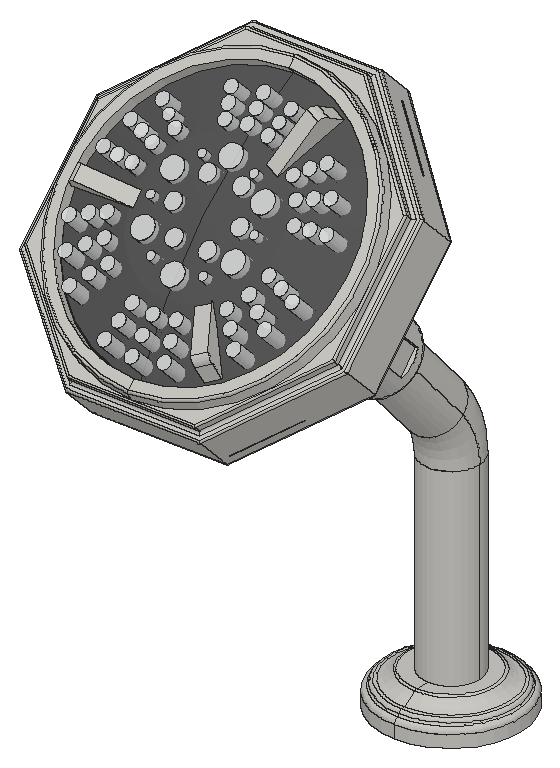
Revit family "Shower-Showerhead_Kit-KALLISTA-For_Town-P21542", category Plumbing Fixtures, host Face, Revit 2022 (continued)
Definition of nested family "P21542"
  Lines and regions (in)
    symbolic lines, detail levels medium+fine
      curve 212: spline (-0.4232942, 0, 9.2462747) -> (-0.3988388, 0, 9.2485513) -> (-0.3760501, 0, 9.2552259) -> (-0.3564809, 0, 9.2658438) -> (-0.341465, 0, 9.2796813) -> (-0.3320256, 0, 9.2957954) -> (-0.328806, 0, 9.3130879) -> (-0.3320256, 0, 9.3303804) -> (-0.341465, 0, 9.3464945) -> (-0.3564809, 0, 9.360332) -> (-0.3760501, 0, 9.3709499) -> (-0.3988388, 0, 9.3776245) -> (-0.4232942, 0, 9.3799011)
      curve 213: spline (-0.3016339, 0, 9.1151379) -> (-0.3260893, 0, 9.1128613) -> (-0.348878, 0, 9.1061867) -> (-0.3684472, 0, 9.0955688) -> (-0.3834631, 0, 9.0817313) -> (-0.3929025, 0, 9.0656172) -> (-0.3961221, 0, 9.0483247) -> (-0.3929025, 0, 9.0310322) -> (-0.3834631, 0, 9.0149181) -> (-0.3684472, 0, 9.0010806) -> (-0.348878, 0, 8.9904627) -> (-0.3260893, 0, 8.9837881) -> (-0.3016339, 0, 8.9815115)
      curve 214: spline (-0.3731331, 0, 8.6850847) -> (-0.3578485, 0, 8.6865076) -> (-0.3436055, 0, 8.6906793) -> (-0.3313748, 0, 8.6973155) -> (-0.3219899, 0, 8.7059639) -> (-0.3160902, 0, 8.7160352) -> (-0.314078, 0, 8.726843) -> (-0.3160902, 0, 8.7376509) -> (-0.3219899, 0, 8.7477222) -> (-0.3313748, 0, 8.7563706) -> (-0.3436055, 0, 8.7630067) -> (-0.3578485, 0, 8.7671784) -> (-0.3731331, 0, 8.7686013)
      curve 215: spline (-0.1902103, 0, 8.6810136) -> (-0.2207795, 0, 8.6781679) -> (-0.2492654, 0, 8.6698245) -> (-0.2737269, 0, 8.6565522) -> (-0.2924968, 0, 8.6392554) -> (-0.304296, 0, 8.6191128) -> (-0.3083206, 0, 8.5974971) -> (-0.304296, 0, 8.5758814) -> (-0.2924968, 0, 8.5557388) -> (-0.2737269, 0, 8.538442) -> (-0.2492654, 0, 8.5251696) -> (-0.2207795, 0, 8.5168263) -> (-0.1902103, 0, 8.5139805)
      curve 216: spline (-0.6407522, 0, 7.8840015) -> (-0.5999933, 0, 7.8877958) -> (-0.562012, 0, 7.8989203) -> (-0.5293968, 0, 7.9166167) -> (-0.5043702, 0, 7.9396792) -> (-0.4886379, 0, 7.966536) -> (-0.4832719, 0, 7.9953569) -> (-0.4886379, 0, 8.0241778) -> (-0.5043702, 0, 8.0510346) -> (-0.5293968, 0, 8.074097) -> (-0.562012, 0, 8.0917935) -> (-0.5999933, 0, 8.1029179) -> (-0.6407522, 0, 8.1067123)
      curve 217: spline (-0.6407522, 0, 8.1067123) -> (-0.6815111, 0, 8.1029179) -> (-0.7194923, 0, 8.0917935) -> (-0.7521076, 0, 8.074097) -> (-0.7771341, 0, 8.0510346) -> (-0.7928665, 0, 8.0241778) -> (-0.7982325, 0, 7.9953569) -> (-0.7928665, 0, 7.966536) -> (-0.7771341, 0, 7.9396792) -> (-0.7521076, 0, 7.9166167) -> (-0.7194923, 0, 7.8989203) -> (-0.6815111, 0, 7.8877958) -> (-0.6407522, 0, 7.8840015)
      curve 218: spline (-0.6407522, 0, 8.4201005) -> (-0.5999933, 0, 8.4238948) -> (-0.562012, 0, 8.4350193) -> (-0.5293968, 0, 8.4527157) -> (-0.5043702, 0, 8.4757782) -> (-0.4886379, 0, 8.502635) -> (-0.4832719, 0, 8.5314559) -> (-0.4886379, 0, 8.5602768) -> (-0.5043702, 0, 8.5871336) -> (-0.5293968, 0, 8.610196) -> (-0.562012, 0, 8.6278925) -> (-0.5999933, 0, 8.6390169) -> (-0.6407522, 0, 8.6428113)
      curve 219: spline (-0.430699, 0, 8.2007935) -> (-0.4001298, 0, 8.2036392) -> (-0.3716439, 0, 8.2119826) -> (-0.3471824, 0, 8.2252549) -> (-0.3284125, 0, 8.2425518) -> (-0.3166132, 0, 8.2626944) -> (-0.3125887, 0, 8.28431) -> (-0.3166132, 0, 8.3059257) -> (-0.3284125, 0, 8.3260683) -> (-0.3471824, 0, 8.3433651) -> (-0.3716439, 0, 8.3566375) -> (-0.4001298, 0, 8.3649808) -> (-0.430699, 0, 8.3678266)
      curve 220: spline (-0.430699, 0, 8.3678266) -> (-0.4612681, 0, 8.3649808) -> (-0.4897541, 0, 8.3566375) -> (-0.5142155, 0, 8.3433651) -> (-0.5329854, 0, 8.3260683) -> (-0.5447847, 0, 8.3059257) -> (-0.5488092, 0, 8.28431) -> (-0.5447847, 0, 8.2626944) -> (-0.5329854, 0, 8.2425518) -> (-0.5142155, 0, 8.2252549) -> (-0.4897541, 0, 8.2119826) -> (-0.4612681, 0, 8.2036392) -> (-0.430699, 0, 8.2007935)
      curve 221: spline (-0.1902103, 0, 8.5139805) -> (-0.1596411, 0, 8.5168263) -> (-0.1311552, 0, 8.5251696) -> (-0.1066938, 0, 8.538442) -> (-0.0879239, 0, 8.5557388) -> (-0.0761246, 0, 8.5758814) -> (-0.0721001, 0, 8.5974971) -> (-0.0761246, 0, 8.6191128) -> (-0.0879239, 0, 8.6392554) -> (-0.1066938, 0, 8.6565522) -> (-0.1311552, 0, 8.6698245) -> (-0.1596411, 0, 8.6781679) -> (-0.1902103, 0, 8.6810136)
      curve 222: spline (-0.3731331, 0, 8.7686013) -> (-0.3884177, 0, 8.7671784) -> (-0.4026606, 0, 8.7630067) -> (-0.4148914, 0, 8.7563706) -> (-0.4242763, 0, 8.7477222) -> (-0.4301759, 0, 8.7376509) -> (-0.4321882, 0, 8.726843) -> (-0.4301759, 0, 8.7160352) -> (-0.4242763, 0, 8.7059639) -> (-0.4148914, 0, 8.6973155) -> (-0.4026606, 0, 8.6906793) -> (-0.3884177, 0, 8.6865076) -> (-0.3731331, 0, 8.6850847)
      curve 223: spline (-0.8510771, 0, 8.8997109) -> (-0.8755324, 0, 8.8974343) -> (-0.8983212, 0, 8.8907596) -> (-0.9178903, 0, 8.8801417) -> (-0.9329063, 0, 8.8663043) -> (-0.9423457, 0, 8.8501902) -> (-0.9455653, 0, 8.8328976) -> (-0.9423457, 0, 8.8156051) -> (-0.9329063, 0, 8.799491) -> (-0.9178903, 0, 8.7856535) -> (-0.8983212, 0, 8.7750357) -> (-0.8755324, 0, 8.768361) -> (-0.8510771, 0, 8.7660844)
      curve 224: spline (-0.3016339, 0, 8.9815115) -> (-0.2771786, 0, 8.9837881) -> (-0.2543898, 0, 8.9904627) -> (-0.2348207, 0, 9.0010806) -> (-0.2198047, 0, 9.0149181) -> (-0.2103653, 0, 9.0310322) -> (-0.2071457, 0, 9.0483247) -> (-0.2103653, 0, 9.0656172) -> (-0.2198047, 0, 9.0817313) -> (-0.2348207, 0, 9.0955688) -> (-0.2543898, 0, 9.1061867) -> (-0.2771786, 0, 9.1128613) -> (-0.3016339, 0, 9.1151379)
      curve 225: spline (-0.008055, 0, 8.9038005) -> (-0.0488139, 0, 8.9000061) -> (-0.0867952, 0, 8.8888817) -> (-0.1194104, 0, 8.8711852) -> (-0.144437, 0, 8.8481228) -> (-0.1601693, 0, 8.821266) -> (-0.1655353, 0, 8.7924451) -> (-0.1601693, 0, 8.7636242) -> (-0.144437, 0, 8.7367674) -> (-0.1194104, 0, 8.7137049) -> (-0.0867952, 0, 8.6960085) -> (-0.0488139, 0, 8.684884) -> (-0.008055, 0, 8.6810897)
      curve 226: spline (-0.0022692, 0, 9.1458079) -> (-0.0267245, 0, 9.1435313) -> (-0.0495133, 0, 9.1368566) -> (-0.0690824, 0, 9.1262388) -> (-0.0840984, 0, 9.1124013) -> (-0.0935378, 0, 9.0962872) -> (-0.0967574, 0, 9.0789947) -> (-0.0935378, 0, 9.0617021) -> (-0.0840984, 0, 9.045588) -> (-0.0690824, 0, 9.0317506) -> (-0.0495133, 0, 9.0211327) -> (-0.0267245, 0, 9.014458) -> (-0.0022692, 0, 9.0121814)
      curve 227: spline (0.0029222, 0, 9.4288354) -> (-0.0215336, 0, 9.4265587) -> (-0.0443229, 0, 9.4198839) -> (-0.0638924, 0, 9.4092658) -> (-0.0789087, 0, 9.395428) -> (-0.0883483, 0, 9.3793136) -> (-0.091568, 0, 9.3620207) -> (-0.0883483, 0, 9.3447278) -> (-0.0789087, 0, 9.3286134) -> (-0.0638924, 0, 9.3147756) -> (-0.0443229, 0, 9.3041575) -> (-0.0215336, 0, 9.2974827) -> (0.0029222, 0, 9.295206)
      curve 228: spline (0.4331844, 0, 9.3834987) -> (0.4087291, 0, 9.381222) -> (0.3859403, 0, 9.3745474) -> (0.3663712, 0, 9.3639295) -> (0.3513552, 0, 9.350092) -> (0.3419158, 0, 9.333978) -> (0.3386962, 0, 9.3166854) -> (0.3419158, 0, 9.2993929) -> (0.3513552, 0, 9.2832788) -> (0.3663712, 0, 9.2694413) -> (0.3859403, 0, 9.2588234) -> (0.4087291, 0, 9.2521488) -> (0.4331844, 0, 9.2498722)
      curve 229: spline (0.3720092, 0, 9.2441741) -> (0.349082, 0, 9.2420398) -> (0.3277172, 0, 9.2357822) -> (0.3093709, 0, 9.2258278) -> (0.2952932, 0, 9.212855) -> (0.2864436, 0, 9.1977478) -> (0.2834252, 0, 9.1815358) -> (0.2864436, 0, 9.1653238) -> (0.2952932, 0, 9.1502166) -> (0.3093709, 0, 9.1372438) -> (0.3277172, 0, 9.1272894) -> (0.349082, 0, 9.1210318) -> (0.3720092, 0, 9.1188974)
      curve 230: spline (0.314909, 0, 9.1182475) -> (0.2904536, 0, 9.1159709) -> (0.2676649, 0, 9.1092962) -> (0.2480958, 0, 9.0986784) -> (0.2330798, 0, 9.0848409) -> (0.2236404, 0, 9.0687268) -> (0.2204208, 0, 9.0514343) -> (0.2236404, 0, 9.0341417) -> (0.2330798, 0, 9.0180277) -> (0.2480958, 0, 9.0041902) -> (0.2676649, 0, 8.9935723) -> (0.2904536, 0, 8.9868977) -> (0.314909, 0, 8.984621)
      curve 231: spline (0.3771559, 0, 8.6850847) -> (0.3924405, 0, 8.6865076) -> (0.4066834, 0, 8.6906793) -> (0.4189142, 0, 8.6973155) -> (0.4282991, 0, 8.7059639) -> (0.4341987, 0, 8.7160352) -> (0.436211, 0, 8.726843) -> (0.4341987, 0, 8.7376509) -> (0.4282991, 0, 8.7477222) -> (0.4189142, 0, 8.7563706) -> (0.4066834, 0, 8.7630067) -> (0.3924405, 0, 8.7671784) -> (0.3771559, 0, 8.7686013)
      curve 232: spline (0.3004234, 0, 8.6810136) -> (0.2698542, 0, 8.6781679) -> (0.2413683, 0, 8.6698245) -> (0.2169068, 0, 8.6565522) -> (0.1981369, 0, 8.6392554) -> (0.1863377, 0, 8.6191128) -> (0.1823132, 0, 8.5974971) -> (0.1863377, 0, 8.5758814) -> (0.1981369, 0, 8.5557388) -> (0.2169068, 0, 8.538442) -> (0.2413683, 0, 8.5251696) -> (0.2698542, 0, 8.5168263) -> (0.3004234, 0, 8.5139805)
      curve 233: spline (-0.0008656, 0, 7.8452965) -> (-0.0416245, 0, 7.8415022) -> (-0.0796058, 0, 7.8303777) -> (-0.112221, 0, 7.8126813) -> (-0.1372476, 0, 7.7896188) -> (-0.1529799, 0, 7.762762) -> (-0.158346, 0, 7.7339411) -> (-0.1529799, 0, 7.7051202) -> (-0.1372476, 0, 7.6782634) -> (-0.112221, 0, 7.655201) -> (-0.0796058, 0, 7.6375045) -> (-0.0416245, 0, 7.6263801) -> (-0.0008656, 0, 7.6225857)
      curve 234: spline (-0.0008656, 0, 7.6225857) -> (0.0398933, 0, 7.6263801) -> (0.0778745, 0, 7.6375045) -> (0.1104898, 0, 7.655201) -> (0.1355163, 0, 7.6782634) -> (0.1512487, 0, 7.7051202) -> (0.1566147, 0, 7.7339411) -> (0.1512487, 0, 7.762762) -> (0.1355163, 0, 7.7896188) -> (0.1104898, 0, 7.8126813) -> (0.0778745, 0, 7.8303777) -> (0.0398933, 0, 7.8415022) -> (-0.0008656, 0, 7.8452965)
      curve 235: spline (-0.203312, 0, 8.0960601) -> (-0.2338812, 0, 8.0932143) -> (-0.2623671, 0, 8.084871) -> (-0.2868286, 0, 8.0715986) -> (-0.3055985, 0, 8.0543018) -> (-0.3173977, 0, 8.0341592) -> (-0.3214223, 0, 8.0125435) -> (-0.3173977, 0, 7.9909278) -> (-0.3055985, 0, 7.9707852) -> (-0.2868286, 0, 7.9534884) -> (-0.2623671, 0, 7.9402161) -> (-0.2338812, 0, 7.9318727) -> (-0.203312, 0, 7.929027)
      curve 236: spline (-0.203312, 0, 7.929027) -> (-0.1727428, 0, 7.9318727) -> (-0.1442569, 0, 7.9402161) -> (-0.1197955, 0, 7.9534884) -> (-0.1010256, 0, 7.9707852) -> (-0.0892263, 0, 7.9909278) -> (-0.0852018, 0, 8.0125435) -> (-0.0892263, 0, 8.0341592) -> (-0.1010256, 0, 8.0543018) -> (-0.1197955, 0, 8.0715986) -> (-0.1442569, 0, 8.084871) -> (-0.1727428, 0, 8.0932143) -> (-0.203312, 0, 8.0960601)
      curve 237: spline (0.2758077, 0, 8.098174) -> (0.2452385, 0, 8.0953282) -> (0.2167526, 0, 8.0869849) -> (0.1922911, 0, 8.0737125) -> (0.1735212, 0, 8.0564157) -> (0.161722, 0, 8.0362731) -> (0.1576974, 0, 8.0146574) -> (0.161722, 0, 7.9930418) -> (0.1735212, 0, 7.9728991) -> (0.1922911, 0, 7.9556023) -> (0.2167526, 0, 7.94233) -> (0.2452385, 0, 7.9339866) -> (0.2758077, 0, 7.9311409)
      curve 238: spline (0.2758077, 0, 7.9311409) -> (0.3063769, 0, 7.9339866) -> (0.3348628, 0, 7.94233) -> (0.3593242, 0, 7.9556023) -> (0.3780941, 0, 7.9728991) -> (0.3898934, 0, 7.9930418) -> (0.3939179, 0, 8.0146574) -> (0.3898934, 0, 8.0362731) -> (0.3780941, 0, 8.0564157) -> (0.3593242, 0, 8.0737125) -> (0.3348628, 0, 8.0869849) -> (0.3063769, 0, 8.0953282) -> (0.2758077, 0, 8.098174)
      curve 239: spline (0.5241351, 0, 8.3678266) -> (0.493566, 0, 8.3649808) -> (0.46508, 0, 8.3566375) -> (0.4406186, 0, 8.3433651) -> (0.4218487, 0, 8.3260683) -> (0.4100494, 0, 8.3059257) -> (0.4060249, 0, 8.28431) -> (0.4100494, 0, 8.2626944) -> (0.4218487, 0, 8.2425518) -> (0.4406186, 0, 8.2252549) -> (0.46508, 0, 8.2119826) -> (0.493566, 0, 8.2036392) -> (0.5241351, 0, 8.2007935)
      curve 240: spline (0.5241351, 0, 8.2007935) -> (0.5547043, 0, 8.2036392) -> (0.5831903, 0, 8.2119826) -> (0.6076517, 0, 8.2252549) -> (0.6264216, 0, 8.2425518) -> (0.6382209, 0, 8.2626944) -> (0.6422454, 0, 8.28431) -> (0.6382209, 0, 8.3059257) -> (0.6264216, 0, 8.3260683) -> (0.6076517, 0, 8.3433651) -> (0.5831903, 0, 8.3566375) -> (0.5547043, 0, 8.3649808) -> (0.5241351, 0, 8.3678266)
      curve 241: spline (0.6533943, 0, 8.6505996) -> (0.6126354, 0, 8.6468053) -> (0.5746542, 0, 8.6356808) -> (0.5420389, 0, 8.6179844) -> (0.5170124, 0, 8.5949219) -> (0.50128, 0, 8.5680651) -> (0.495914, 0, 8.5392442) -> (0.50128, 0, 8.5104233) -> (0.5170124, 0, 8.4835665) -> (0.5420389, 0, 8.4605041) -> (0.5746542, 0, 8.4428076) -> (0.6126354, 0, 8.4316832) -> (0.6533943, 0, 8.4278888)
      curve 242: spline (0.6533943, 0, 8.4278888) -> (0.6941532, 0, 8.4316832) -> (0.7321345, 0, 8.4428076) -> (0.7647497, 0, 8.4605041) -> (0.7897763, 0, 8.4835665) -> (0.8055086, 0, 8.5104233) -> (0.8108746, 0, 8.5392442) -> (0.8055086, 0, 8.5680651) -> (0.7897763, 0, 8.5949219) -> (0.7647497, 0, 8.6179844) -> (0.7321345, 0, 8.6356808) -> (0.6941532, 0, 8.6468053) -> (0.6533943, 0, 8.6505996)
      curve 243: spline (-0.7452469, 0, 8.3096725) -> (-0.7605315, 0, 8.3082497) -> (-0.7747744, 0, 8.304078) -> (-0.7870052, 0, 8.2974418) -> (-0.7963901, 0, 8.2887934) -> (-0.8022897, 0, 8.2787221) -> (-0.804302, 0, 8.2679143) -> (-0.8022897, 0, 8.2571064) -> (-0.7963901, 0, 8.2470351) -> (-0.7870052, 0, 8.2383867) -> (-0.7747744, 0, 8.2317505) -> (-0.7605315, 0, 8.2275789) -> (-0.7452469, 0, 8.226156)
      curve 244: spline (-0.7452469, 0, 8.226156) -> (-0.7299623, 0, 8.2275789) -> (-0.7157193, 0, 8.2317505) -> (-0.7034886, 0, 8.2383867) -> (-0.6941037, 0, 8.2470351) -> (-0.688204, 0, 8.2571064) -> (-0.6861918, 0, 8.2679143) -> (-0.688204, 0, 8.2787221) -> (-0.6941037, 0, 8.2887934) -> (-0.7034886, 0, 8.2974418) -> (-0.7157193, 0, 8.304078) -> (-0.7299623, 0, 8.3082497) -> (-0.7452469, 0, 8.3096725)
      curve 245: spline (-0.3746937, 0, 7.7682702) -> (-0.3594091, 0, 7.7696931) -> (-0.3451662, 0, 7.7738648) -> (-0.3329355, 0, 7.7805009) -> (-0.3235505, 0, 7.7891494) -> (-0.3176509, 0, 7.7992207) -> (-0.3156386, 0, 7.8100285) -> (-0.3176509, 0, 7.8208363) -> (-0.3235505, 0, 7.8309076) -> (-0.3329355, 0, 7.839556) -> (-0.3451662, 0, 7.8461922) -> (-0.3594091, 0, 7.8503639) -> (-0.3746937, 0, 7.8517868)
      curve 246: spline (-0.3746937, 0, 7.8517868) -> (-0.3899783, 0, 7.8503639) -> (-0.4042213, 0, 7.8461922) -> (-0.416452, 0, 7.839556) -> (-0.425837, 0, 7.8309076) -> (-0.4317366, 0, 7.8208363) -> (-0.4337488, 0, 7.8100285) -> (-0.4317366, 0, 7.7992207) -> (-0.425837, 0, 7.7891494) -> (-0.416452, 0, 7.7805009) -> (-0.4042213, 0, 7.7738648) -> (-0.3899783, 0, 7.7696931) -> (-0.3746937, 0, 7.7682702)
      curve 247: spline (0.3778914, 0, 7.8496119) -> (0.3626068, 0, 7.848189) -> (0.3483638, 0, 7.8440173) -> (0.3361331, 0, 7.8373811) -> (0.3267481, 0, 7.8287327) -> (0.3208485, 0, 7.8186614) -> (0.3188363, 0, 7.8078536) -> (0.3208485, 0, 7.7970457) -> (0.3267481, 0, 7.7869744) -> (0.3361331, 0, 7.778326) -> (0.3483638, 0, 7.7716899) -> (0.3626068, 0, 7.7675182) -> (0.3778914, 0, 7.7660953)
      curve 248: spline (0.3778914, 0, 7.7660953) -> (0.393176, 0, 7.7675182) -> (0.4074189, 0, 7.7716899) -> (0.4196497, 0, 7.778326) -> (0.4290346, 0, 7.7869744) -> (0.4349342, 0, 7.7970457) -> (0.4369465, 0, 7.8078536) -> (0.4349342, 0, 7.8186614) -> (0.4290346, 0, 7.8287327) -> (0.4196497, 0, 7.8373811) -> (0.4074189, 0, 7.8440173) -> (0.393176, 0, 7.848189) -> (0.3778914, 0, 7.8496119)
      curve 249: spline (0.6532073, 0, 8.1137636) -> (0.6124484, 0, 8.1099693) -> (0.5744671, 0, 8.0988448) -> (0.5418519, 0, 8.0811484) -> (0.5168253, 0, 8.0580859) -> (0.501093, 0, 8.0312291) -> (0.495727, 0, 8.0024082) -> (0.501093, 0, 7.9735873) -> (0.5168253, 0, 7.9467305) -> (0.5418519, 0, 7.9236681) -> (0.5744671, 0, 7.9059716) -> (0.6124484, 0, 7.8948472) -> (0.6532073, 0, 7.8910528)
      curve 250: spline (0.6532073, 0, 7.8910528) -> (0.6939662, 0, 7.8948472) -> (0.7319475, 0, 7.9059716) -> (0.7645627, 0, 7.9236681) -> (0.7895892, 0, 7.9467305) -> (0.8053216, 0, 7.9735873) -> (0.8106876, 0, 8.0024082) -> (0.8053216, 0, 8.0312291) -> (0.7895892, 0, 8.0580859) -> (0.7645627, 0, 8.0811484) -> (0.7319475, 0, 8.0988448) -> (0.6939662, 0, 8.1099693) -> (0.6532073, 0, 8.1137636)
      curve 251: spline (0.7475225, 0, 8.2251115) -> (0.7628071, 0, 8.2265344) -> (0.7770501, 0, 8.230706) -> (0.7892808, 0, 8.2373422) -> (0.7986658, 0, 8.2459906) -> (0.8045654, 0, 8.2560619) -> (0.8065777, 0, 8.2668698) -> (0.8045654, 0, 8.2776776) -> (0.7986658, 0, 8.2877489) -> (0.7892808, 0, 8.2963973) -> (0.7770501, 0, 8.3030335) -> (0.7628071, 0, 8.3072052) -> (0.7475225, 0, 8.308628)
      curve 252: spline (0.7475225, 0, 8.308628) -> (0.7322379, 0, 8.3072052) -> (0.717995, 0, 8.3030335) -> (0.7057643, 0, 8.2963973) -> (0.6963793, 0, 8.2877489) -> (0.6904797, 0, 8.2776776) -> (0.6884674, 0, 8.2668698) -> (0.6904797, 0, 8.2560619) -> (0.6963793, 0, 8.2459906) -> (0.7057643, 0, 8.2373422) -> (0.717995, 0, 8.230706) -> (0.7322379, 0, 8.2265344) -> (0.7475225, 0, 8.2251115)
      curve 253: spline (1.1706675, 0, 8.5187636) -> (1.1462122, 0, 8.5164869) -> (1.1234234, 0, 8.5098123) -> (1.1038543, 0, 8.4991944) -> (1.0888383, 0, 8.4853569) -> (1.0793989, 0, 8.4692429) -> (1.0761793, 0, 8.4519503) -> (1.0793989, 0, 8.4346578) -> (1.0888383, 0, 8.4185437) -> (1.1038543, 0, 8.4047062) -> (1.1234234, 0, 8.3940884) -> (1.1462122, 0, 8.3874137) -> (1.1706675, 0, 8.3851371)
      curve 254: spline (1.1706675, 0, 8.3851371) -> (1.1951229, 0, 8.3874137) -> (1.2179116, 0, 8.3940884) -> (1.2374807, 0, 8.4047062) -> (1.2524967, 0, 8.4185437) -> (1.2619361, 0, 8.4346578) -> (1.2651557, 0, 8.4519503) -> (1.2619361, 0, 8.4692429) -> (1.2524967, 0, 8.4853569) -> (1.2374807, 0, 8.4991944) -> (1.2179116, 0, 8.5098123) -> (1.1951229, 0, 8.5164869) -> (1.1706675, 0, 8.5187636)
      curve 255: spline (1.0358532, 0, 8.5838512) -> (1.0603085, 0, 8.5861278) -> (1.0830973, 0, 8.5928024) -> (1.1026664, 0, 8.6034203) -> (1.1176824, 0, 8.6172578) -> (1.1271218, 0, 8.6333719) -> (1.1303414, 0, 8.6506644) -> (1.1271218, 0, 8.6679569) -> (1.1176824, 0, 8.684071) -> (1.1026664, 0, 8.6979085) -> (1.0830973, 0, 8.7085264) -> (1.0603085, 0, 8.715201) -> (1.0358532, 0, 8.7174776)
      curve 256: spline (1.0358532, 0, 8.7174776) -> (1.0113978, 0, 8.715201) -> (0.9886091, 0, 8.7085264) -> (0.9690399, 0, 8.6979085) -> (0.954024, 0, 8.684071) -> (0.9445846, 0, 8.6679569) -> (0.941365, 0, 8.6506644) -> (0.9445846, 0, 8.6333719) -> (0.954024, 0, 8.6172578) -> (0.9690399, 0, 8.6034203) -> (0.9886091, 0, 8.5928024) -> (1.0113978, 0, 8.5861278) -> (1.0358532, 0, 8.5838512)
      curve 257: spline (1.4461695, 0, 8.6981522) -> (1.4706248, 0, 8.7004288) -> (1.4934136, 0, 8.7071035) -> (1.5129827, 0, 8.7177213) -> (1.5279987, 0, 8.7315588) -> (1.5374381, 0, 8.7476729) -> (1.5406577, 0, 8.7649654) -> (1.5374381, 0, 8.782258) -> (1.5279987, 0, 8.7983721) -> (1.5129827, 0, 8.8122095) -> (1.4934136, 0, 8.8228274) -> (1.4706248, 0, 8.8295021) -> (1.4461695, 0, 8.8317787)
      curve 258: spline (1.4461695, 0, 8.8317787) -> (1.4217142, 0, 8.8295021) -> (1.3989254, 0, 8.8228274) -> (1.3793563, 0, 8.8122095) -> (1.3643403, 0, 8.7983721) -> (1.3549009, 0, 8.782258) -> (1.3516813, 0, 8.7649654) -> (1.3549009, 0, 8.7476729) -> (1.3643403, 0, 8.7315588) -> (1.3793563, 0, 8.7177213) -> (1.3989254, 0, 8.7071035) -> (1.4217142, 0, 8.7004288) -> (1.4461695, 0, 8.6981522)
      curve 259: spline (1.3845011, 0, 8.4025364) -> (1.4089564, 0, 8.404813) -> (1.4317452, 0, 8.4114876) -> (1.4513143, 0, 8.4221055) -> (1.4663302, 0, 8.435943) -> (1.4757696, 0, 8.4520571) -> (1.4789892, 0, 8.4693496) -> (1.4757696, 0, 8.4866421) -> (1.4663302, 0, 8.5027562) -> (1.4513143, 0, 8.5165937) -> (1.4317452, 0, 8.5272116) -> (1.4089564, 0, 8.5338862) -> (1.3845011, 0, 8.5361628)
      curve 260: spline (1.3845011, 0, 8.5361628) -> (1.3600457, 0, 8.5338862) -> (1.337257, 0, 8.5272116) -> (1.3176878, 0, 8.5165937) -> (1.3026719, 0, 8.5027562) -> (1.2932325, 0, 8.4866421) -> (1.2900129, 0, 8.4693496) -> (1.2932325, 0, 8.4520571) -> (1.3026719, 0, 8.435943) -> (1.3176878, 0, 8.4221055) -> (1.337257, 0, 8.4114876) -> (1.3600457, 0, 8.404813) -> (1.3845011, 0, 8.4025364)
      curve 261: spline (1.6146682, 0, 8.4123008) -> (1.6391235, 0, 8.4145774) -> (1.6619123, 0, 8.4212521) -> (1.6814814, 0, 8.4318699) -> (1.6964973, 0, 8.4457074) -> (1.7059368, 0, 8.4618215) -> (1.7091564, 0, 8.479114) -> (1.7059368, 0, 8.4964066) -> (1.6964973, 0, 8.5125206) -> (1.6814814, 0, 8.5263581) -> (1.6619123, 0, 8.536976) -> (1.6391235, 0, 8.5436507) -> (1.6146682, 0, 8.5459273)
      curve 262: spline (1.6146682, 0, 8.5459273) -> (1.5902128, 0, 8.5436507) -> (1.5674241, 0, 8.536976) -> (1.5478549, 0, 8.5263581) -> (1.532839, 0, 8.5125206) -> (1.5233996, 0, 8.4964066) -> (1.52018, 0, 8.479114) -> (1.5233996, 0, 8.4618215) -> (1.532839, 0, 8.4457074) -> (1.5478549, 0, 8.4318699) -> (1.5674241, 0, 8.4212521) -> (1.5902128, 0, 8.4145774) -> (1.6146682, 0, 8.4123008)
      curve 263: spline (1.2413279, 0, 8.645433) -> (1.2657832, 0, 8.6477096) -> (1.288572, 0, 8.6543842) -> (1.3081411, 0, 8.6650021) -> (1.3231571, 0, 8.6788396) -> (1.3325965, 0, 8.6949537) -> (1.3358161, 0, 8.7122462) -> (1.3325965, 0, 8.7295387) -> (1.3231571, 0, 8.7456528) -> (1.3081411, 0, 8.7594903) -> (1.288572, 0, 8.7701082) -> (1.2657832, 0, 8.7767828) -> (1.2413279, 0, 8.7790594)
      curve 264: spline (1.2413279, 0, 8.7790594) -> (1.2168726, 0, 8.7767828) -> (1.1940838, 0, 8.7701082) -> (1.1745147, 0, 8.7594903) -> (1.1594987, 0, 8.7456528) -> (1.1500593, 0, 8.7295387) -> (1.1468397, 0, 8.7122462) -> (1.1500593, 0, 8.6949537) -> (1.1594987, 0, 8.6788396) -> (1.1745147, 0, 8.6650021) -> (1.1940838, 0, 8.6543842) -> (1.2168726, 0, 8.6477096) -> (1.2413279, 0, 8.645433)
      curve 265: spline (0.8542009, 0, 8.8964298) -> (0.8297456, 0, 8.8941532) -> (0.8069568, 0, 8.8874785) -> (0.7873877, 0, 8.8768607) -> (0.7723718, 0, 8.8630232) -> (0.7629323, 0, 8.8469091) -> (0.7597127, 0, 8.8296166) -> (0.7629323, 0, 8.812324) -> (0.7723718, 0, 8.79621) -> (0.7873877, 0, 8.7823725) -> (0.8069568, 0, 8.7717546) -> (0.8297456, 0, 8.76508) -> (0.8542009, 0, 8.7628033)
      curve 266: spline (0.8542009, 0, 8.7628033) -> (0.8786563, 0, 8.76508) -> (0.901445, 0, 8.7717546) -> (0.9210142, 0, 8.7823725) -> (0.9360301, 0, 8.79621) -> (0.9454695, 0, 8.812324) -> (0.9486891, 0, 8.8296166) -> (0.9454695, 0, 8.8469091) -> (0.9360301, 0, 8.8630232) -> (0.9210142, 0, 8.8768607) -> (0.901445, 0, 8.8874785) -> (0.8786563, 0, 8.8941532) -> (0.8542009, 0, 8.8964298)
      curve 267: spline (1.0154513, 0, 8.8600412) -> (1.0399067, 0, 8.8623178) -> (1.0626954, 0, 8.8689924) -> (1.0822646, 0, 8.8796103) -> (1.0972805, 0, 8.8934478) -> (1.1067199, 0, 8.9095619) -> (1.1099395, 0, 8.9268544) -> (1.1067199, 0, 8.9441469) -> (1.0972805, 0, 8.960261) -> (1.0822646, 0, 8.9740985) -> (1.0626954, 0, 8.9847164) -> (1.0399067, 0, 8.991391) -> (1.0154513, 0, 8.9936676)
      curve 268: spline (1.0154513, 0, 8.9936676) -> (0.990996, 0, 8.991391) -> (0.9682072, 0, 8.9847164) -> (0.9486381, 0, 8.9740985) -> (0.9336222, 0, 8.960261) -> (0.9241828, 0, 8.9441469) -> (0.9209631, 0, 8.9268544) -> (0.9241828, 0, 8.9095619) -> (0.9336222, 0, 8.8934478) -> (0.9486381, 0, 8.8796103) -> (0.9682072, 0, 8.8689924) -> (0.990996, 0, 8.8623178) -> (1.0154513, 0, 8.8600412)
      curve 269: spline (1.1890049, 0, 8.9485794) -> (1.2134602, 0, 8.950856) -> (1.236249, 0, 8.9575306) -> (1.2558181, 0, 8.9681485) -> (1.2708341, 0, 8.981986) -> (1.2802735, 0, 8.9981001) -> (1.2834931, 0, 9.0153926) -> (1.2802735, 0, 9.0326851) -> (1.2708341, 0, 9.0487992) -> (1.2558181, 0, 9.0626367) -> (1.236249, 0, 9.0732546) -> (1.2134602, 0, 9.0799292) -> (1.1890049, 0, 9.0822058)
      curve 270: spline (1.1890049, 0, 9.0822058) -> (1.1645495, 0, 9.0799292) -> (1.1417608, 0, 9.0732546) -> (1.1221916, 0, 9.0626367) -> (1.1071757, 0, 9.0487992) -> (1.0977363, 0, 9.0326851) -> (1.0945167, 0, 9.0153926) -> (1.0977363, 0, 8.9981001) -> (1.1071757, 0, 8.981986) -> (1.1221916, 0, 8.9681485) -> (1.1417608, 0, 8.9575306) -> (1.1645495, 0, 8.950856) -> (1.1890049, 0, 8.9485794)
      curve 271: spline (-1.1735828, 0, 9.0844518) -> (-1.1980381, 0, 9.0821752) -> (-1.2208269, 0, 9.0755005) -> (-1.240396, 0, 9.0648827) -> (-1.2554119, 0, 9.0510452) -> (-1.2648514, 0, 9.0349311) -> (-1.268071, 0, 9.0176386) -> (-1.2648514, 0, 9.000346) -> (-1.2554119, 0, 8.984232) -> (-1.240396, 0, 8.9703945) -> (-1.2208269, 0, 8.9597766) -> (-1.1980381, 0, 8.9531019) -> (-1.1735828, 0, 8.9508253)
      curve 272: spline (-1.1735828, 0, 8.9508253) -> (-1.1491274, 0, 8.9531019) -> (-1.1263387, 0, 8.9597766) -> (-1.1067695, 0, 8.9703945) -> (-1.0917536, 0, 8.984232) -> (-1.0823142, 0, 9.000346) -> (-1.0790946, 0, 9.0176386) -> (-1.0823142, 0, 9.0349311) -> (-1.0917536, 0, 9.0510452) -> (-1.1067695, 0, 9.0648827) -> (-1.1263387, 0, 9.0755005) -> (-1.1491274, 0, 9.0821752) -> (-1.1735828, 0, 9.0844518)
      curve 273: spline (-1.0087261, 0, 8.8655599) -> (-0.9878394, 0, 8.8675043) -> (-0.9683762, 0, 8.8732049) -> (-0.9516627, 0, 8.8822733) -> (-0.9388381, 0, 8.8940915) -> (-0.9307761, 0, 8.9078541) -> (-0.9280263, 0, 8.9226232) -> (-0.9307761, 0, 8.9373923) -> (-0.9388381, 0, 8.9511548) -> (-0.9516627, 0, 8.962973) -> (-0.9683762, 0, 8.9720415) -> (-0.9878394, 0, 8.9777421) -> (-1.0087261, 0, 8.9796865)
      curve 274: spline (-1.0087261, 0, 8.9796865) -> (-1.0296127, 0, 8.9777421) -> (-1.0490759, 0, 8.9720415) -> (-1.0657894, 0, 8.962973) -> (-1.0786141, 0, 8.9511548) -> (-1.086676, 0, 8.9373923) -> (-1.0894258, 0, 8.9226232) -> (-1.086676, 0, 8.9078541) -> (-1.0786141, 0, 8.8940915) -> (-1.0657894, 0, 8.8822733) -> (-1.0490759, 0, 8.8732049) -> (-1.0296127, 0, 8.8675043) -> (-1.0087261, 0, 8.8655599)
      curve 275: spline (-1.0407781, 0, 8.5955995) -> (-1.0163228, 0, 8.5978761) -> (-0.993534, 0, 8.6045508) -> (-0.9739649, 0, 8.6151686) -> (-0.958949, 0, 8.6290061) -> (-0.9495096, 0, 8.6451202) -> (-0.94629, 0, 8.6624127) -> (-0.9495096, 0, 8.6797053) -> (-0.958949, 0, 8.6958193) -> (-0.9739649, 0, 8.7096568) -> (-0.993534, 0, 8.7202747) -> (-1.0163228, 0, 8.7269494) -> (-1.0407781, 0, 8.729226)
      curve 276: spline (-1.0407781, 0, 8.729226) -> (-1.0652335, 0, 8.7269494) -> (-1.0880222, 0, 8.7202747) -> (-1.1075914, 0, 8.7096568) -> (-1.1226073, 0, 8.6958193) -> (-1.1320467, 0, 8.6797053) -> (-1.1352663, 0, 8.6624127) -> (-1.1320467, 0, 8.6451202) -> (-1.1226073, 0, 8.6290061) -> (-1.1075914, 0, 8.6151686) -> (-1.0880222, 0, 8.6045508) -> (-1.0652335, 0, 8.5978761) -> (-1.0407781, 0, 8.5955995)
      curve 277: spline (-1.238599, 0, 8.6516612) -> (-1.2141437, 0, 8.6539378) -> (-1.191355, 0, 8.6606125) -> (-1.1717858, 0, 8.6712304) -> (-1.1567699, 0, 8.6850679) -> (-1.1473305, 0, 8.7011819) -> (-1.1441109, 0, 8.7184745) -> (-1.1473305, 0, 8.735767) -> (-1.1567699, 0, 8.7518811) -> (-1.1717858, 0, 8.7657186) -> (-1.191355, 0, 8.7763364) -> (-1.2141437, 0, 8.7830111) -> (-1.238599, 0, 8.7852877)
      curve 278: spline (-1.238599, 0, 8.7852877) -> (-1.2630544, 0, 8.7830111) -> (-1.2858431, 0, 8.7763364) -> (-1.3054123, 0, 8.7657186) -> (-1.3204282, 0, 8.7518811) -> (-1.3298676, 0, 8.735767) -> (-1.3330872, 0, 8.7184745) -> (-1.3298676, 0, 8.7011819) -> (-1.3204282, 0, 8.6850679) -> (-1.3054123, 0, 8.6712304) -> (-1.2858431, 0, 8.6606125) -> (-1.2630544, 0, 8.6539378) -> (-1.238599, 0, 8.6516612)
      curve 279: spline (-1.4358811, 0, 8.7036183) -> (-1.4114257, 0, 8.7058949) -> (-1.388637, 0, 8.7125696) -> (-1.3690678, 0, 8.7231874) -> (-1.3540519, 0, 8.7370249) -> (-1.3446125, 0, 8.753139) -> (-1.3413929, 0, 8.7704315) -> (-1.3446125, 0, 8.7877241) -> (-1.3540519, 0, 8.8038381) -> (-1.3690678, 0, 8.8176756) -> (-1.388637, 0, 8.8282935) -> (-1.4114257, 0, 8.8349682) -> (-1.4358811, 0, 8.8372448)
      curve 280: spline (-1.4358811, 0, 8.8372448) -> (-1.4603364, 0, 8.8349682) -> (-1.4831252, 0, 8.8282935) -> (-1.5026943, 0, 8.8176756) -> (-1.5177102, 0, 8.8038381) -> (-1.5271496, 0, 8.7877241) -> (-1.5303692, 0, 8.7704315) -> (-1.5271496, 0, 8.753139) -> (-1.5177102, 0, 8.7370249) -> (-1.5026943, 0, 8.7231874) -> (-1.4831252, 0, 8.7125696) -> (-1.4603364, 0, 8.7058949) -> (-1.4358811, 0, 8.7036183)
      curve 281: spline (-1.5996931, 0, 8.5566446) -> (-1.6241485, 0, 8.554368) -> (-1.6469372, 0, 8.5476933) -> (-1.6665063, 0, 8.5370755) -> (-1.6815223, 0, 8.523238) -> (-1.6909617, 0, 8.5071239) -> (-1.6941813, 0, 8.4898314) -> (-1.6909617, 0, 8.4725388) -> (-1.6815223, 0, 8.4564247) -> (-1.6665063, 0, 8.4425873) -> (-1.6469372, 0, 8.4319694) -> (-1.6241485, 0, 8.4252947) -> (-1.5996931, 0, 8.4230181)
      curve 282: spline (-1.5996931, 0, 8.4230181) -> (-1.5752378, 0, 8.4252947) -> (-1.552449, 0, 8.4319694) -> (-1.5328799, 0, 8.4425873) -> (-1.5178639, 0, 8.4564247) -> (-1.5084245, 0, 8.4725388) -> (-1.5052049, 0, 8.4898314) -> (-1.5084245, 0, 8.5071239) -> (-1.5178639, 0, 8.523238) -> (-1.5328799, 0, 8.5370755) -> (-1.552449, 0, 8.5476933) -> (-1.5752378, 0, 8.554368) -> (-1.5996931, 0, 8.5566446)
      curve 283: spline (-1.3831399, 0, 8.5365579) -> (-1.4075953, 0, 8.5342812) -> (-1.430384, 0, 8.5276066) -> (-1.4499531, 0, 8.5169887) -> (-1.4649691, 0, 8.5031512) -> (-1.4744085, 0, 8.4870372) -> (-1.4776281, 0, 8.4697446) -> (-1.4744085, 0, 8.4524521) -> (-1.4649691, 0, 8.436338) -> (-1.4499531, 0, 8.4225005) -> (-1.430384, 0, 8.4118827) -> (-1.4075953, 0, 8.405208) -> (-1.3831399, 0, 8.4029314)
      curve 284: spline (-1.3831399, 0, 8.4029314) -> (-1.3586846, 0, 8.405208) -> (-1.3358958, 0, 8.4118827) -> (-1.3163267, 0, 8.4225005) -> (-1.3013107, 0, 8.436338) -> (-1.2918713, 0, 8.4524521) -> (-1.2886517, 0, 8.4697446) -> (-1.2918713, 0, 8.4870372) -> (-1.3013107, 0, 8.5031512) -> (-1.3163267, 0, 8.5169887) -> (-1.3358958, 0, 8.5276066) -> (-1.3586846, 0, 8.5342812) -> (-1.3831399, 0, 8.5365579)
      curve 285: spline (-1.1616832, 0, 8.5191586) -> (-1.1861386, 0, 8.516882) -> (-1.2089273, 0, 8.5102073) -> (-1.2284965, 0, 8.4995894) -> (-1.2435124, 0, 8.485752) -> (-1.2529518, 0, 8.4696379) -> (-1.2561714, 0, 8.4523453) -> (-1.2529518, 0, 8.4350528) -> (-1.2435124, 0, 8.4189387) -> (-1.2284965, 0, 8.4051012) -> (-1.2089273, 0, 8.3944834) -> (-1.1861386, 0, 8.3878087) -> (-1.1616832, 0, 8.3855321)
      curve 286: spline (-1.1616832, 0, 8.3855321) -> (-1.1372279, 0, 8.3878087) -> (-1.1144391, 0, 8.3944834) -> (-1.09487, 0, 8.4051012) -> (-1.079854, 0, 8.4189387) -> (-1.0704146, 0, 8.4350528) -> (-1.067195, 0, 8.4523453) -> (-1.0704146, 0, 8.4696379) -> (-1.079854, 0, 8.485752) -> (-1.09487, 0, 8.4995894) -> (-1.1144391, 0, 8.5102073) -> (-1.1372279, 0, 8.516882) -> (-1.1616832, 0, 8.5191586)
      curve 287: spline (-1.1664258, 0, 7.9420782) -> (-1.1419705, 0, 7.9443548) -> (-1.1191817, 0, 7.9510295) -> (-1.0996126, 0, 7.9616473) -> (-1.0845966, 0, 7.9754848) -> (-1.0751572, 0, 7.9915989) -> (-1.0719376, 0, 8.0088914) -> (-1.0751572, 0, 8.026184) -> (-1.0845966, 0, 8.042298) -> (-1.0996126, 0, 8.0561355) -> (-1.1191817, 0, 8.0667534) -> (-1.1419705, 0, 8.0734281) -> (-1.1664258, 0, 8.0757047)
      curve 288: spline (-1.1664258, 0, 8.0757047) -> (-1.1908811, 0, 8.0734281) -> (-1.2136699, 0, 8.0667534) -> (-1.233239, 0, 8.0561355) -> (-1.248255, 0, 8.042298) -> (-1.2576944, 0, 8.026184) -> (-1.260914, 0, 8.0088914) -> (-1.2576944, 0, 7.9915989) -> (-1.248255, 0, 7.9754848) -> (-1.233239, 0, 7.9616473) -> (-1.2136699, 0, 7.9510295) -> (-1.1908811, 0, 7.9443548) -> (-1.1664258, 0, 7.9420782)
      curve 289: spline (-1.3821625, 0, 7.8814215) -> (-1.3577072, 0, 7.8836981) -> (-1.3349184, 0, 7.8903728) -> (-1.3153493, 0, 7.9009906) -> (-1.3003334, 0, 7.9148281) -> (-1.290894, 0, 7.9309422) -> (-1.2876744, 0, 7.9482347) -> (-1.290894, 0, 7.9655273) -> (-1.3003334, 0, 7.9816413) -> (-1.3153493, 0, 7.9954788) -> (-1.3349184, 0, 8.0060967) -> (-1.3577072, 0, 8.0127714) -> (-1.3821625, 0, 8.015048)
      curve 290: spline (-1.0422207, 0, 7.8716995) -> (-1.066676, 0, 7.8694229) -> (-1.0894648, 0, 7.8627482) -> (-1.1090339, 0, 7.8521304) -> (-1.1240498, 0, 7.8382929) -> (-1.1334893, 0, 7.8221788) -> (-1.1367089, 0, 7.8048863) -> (-1.1334893, 0, 7.7875937) -> (-1.1240498, 0, 7.7714797) -> (-1.1090339, 0, 7.7576422) -> (-1.0894648, 0, 7.7470243) -> (-1.066676, 0, 7.7403496) -> (-1.0422207, 0, 7.738073)
      curve 291: spline (-1.0422207, 0, 7.738073) -> (-1.0177653, 0, 7.7403496) -> (-0.9949766, 0, 7.7470243) -> (-0.9754074, 0, 7.7576422) -> (-0.9603915, 0, 7.7714797) -> (-0.9509521, 0, 7.7875937) -> (-0.9477325, 0, 7.8048863) -> (-0.9509521, 0, 7.8221788) -> (-0.9603915, 0, 7.8382929) -> (-0.9754074, 0, 7.8521304) -> (-0.9949766, 0, 7.8627482) -> (-1.0177653, 0, 7.8694229) -> (-1.0422207, 0, 7.8716995)
      curve 292: spline (-1.3821625, 0, 8.015048) -> (-1.4066179, 0, 8.0127714) -> (-1.4294066, 0, 8.0060967) -> (-1.4489758, 0, 7.9954788) -> (-1.4639917, 0, 7.9816413) -> (-1.4734311, 0, 7.9655273) -> (-1.4766507, 0, 7.9482347) -> (-1.4734311, 0, 7.9309422) -> (-1.4639917, 0, 7.9148281) -> (-1.4489758, 0, 7.9009906) -> (-1.4294066, 0, 7.8903728) -> (-1.4066179, 0, 7.8836981) -> (-1.3821625, 0, 7.8814215)
      curve 293: spline (-1.6033592, 0, 7.9421129) -> (-1.6278146, 0, 7.9398363) -> (-1.6506033, 0, 7.9331617) -> (-1.6701724, 0, 7.9225438) -> (-1.6851884, 0, 7.9087063) -> (-1.6946278, 0, 7.8925922) -> (-1.6978474, 0, 7.8752997) -> (-1.6946278, 0, 7.8580072) -> (-1.6851884, 0, 7.8418931) -> (-1.6701724, 0, 7.8280556) -> (-1.6506033, 0, 7.8174377) -> (-1.6278146, 0, 7.8107631) -> (-1.6033592, 0, 7.8084865)
      curve 294: spline (-1.6033592, 0, 7.8084865) -> (-1.5789039, 0, 7.8107631) -> (-1.5561151, 0, 7.8174377) -> (-1.536546, 0, 7.8280556) -> (-1.52153, 0, 7.8418931) -> (-1.5120906, 0, 7.8580072) -> (-1.508871, 0, 7.8752997) -> (-1.5120906, 0, 7.8925922) -> (-1.52153, 0, 7.9087063) -> (-1.536546, 0, 7.9225438) -> (-1.5561151, 0, 7.9331617) -> (-1.5789039, 0, 7.9398363) -> (-1.6033592, 0, 7.9421129)
      curve 295: spline (-1.2337529, 0, 7.7707762) -> (-1.2582082, 0, 7.7684996) -> (-1.280997, 0, 7.761825) -> (-1.3005661, 0, 7.7512071) -> (-1.3155821, 0, 7.7373696) -> (-1.3250215, 0, 7.7212555) -> (-1.3282411, 0, 7.703963) -> (-1.3250215, 0, 7.6866705) -> (-1.3155821, 0, 7.6705564) -> (-1.3005661, 0, 7.6567189) -> (-1.280997, 0, 7.646101) -> (-1.2582082, 0, 7.6394264) -> (-1.2337529, 0, 7.6371498)
      curve 296: spline (-1.2337529, 0, 7.6371498) -> (-1.2092976, 0, 7.6394264) -> (-1.1865088, 0, 7.646101) -> (-1.1669397, 0, 7.6567189) -> (-1.1519237, 0, 7.6705564) -> (-1.1424843, 0, 7.6866705) -> (-1.1392647, 0, 7.703963) -> (-1.1424843, 0, 7.7212555) -> (-1.1519237, 0, 7.7373696) -> (-1.1669397, 0, 7.7512071) -> (-1.1865088, 0, 7.761825) -> (-1.2092976, 0, 7.7684996) -> (-1.2337529, 0, 7.7707762)
      curve 297: spline (-1.4332073, 0, 7.6633224) -> (-1.4576626, 0, 7.6610458) -> (-1.4804514, 0, 7.6543712) -> (-1.5000205, 0, 7.6437533) -> (-1.5150365, 0, 7.6299158) -> (-1.5244759, 0, 7.6138017) -> (-1.5276955, 0, 7.5965092) -> (-1.5244759, 0, 7.5792167) -> (-1.5150365, 0, 7.5631026) -> (-1.5000205, 0, 7.5492651) -> (-1.4804514, 0, 7.5386472) -> (-1.4576626, 0, 7.5319726) -> (-1.4332073, 0, 7.529696)
      curve 298: spline (-1.4332073, 0, 7.529696) -> (-1.4087519, 0, 7.5319726) -> (-1.3859632, 0, 7.5386472) -> (-1.3663941, 0, 7.5492651) -> (-1.3513781, 0, 7.5631026) -> (-1.3419387, 0, 7.5792167) -> (-1.3387191, 0, 7.5965092) -> (-1.3419387, 0, 7.6138017) -> (-1.3513781, 0, 7.6299158) -> (-1.3663941, 0, 7.6437533) -> (-1.3859632, 0, 7.6543712) -> (-1.4087519, 0, 7.6610458) -> (-1.4332073, 0, 7.6633224)
      curve 299: spline (-0.8501049, 0, 7.5574258) -> (-0.8256496, 0, 7.5597024) -> (-0.8028608, 0, 7.5663771) -> (-0.7832917, 0, 7.576995) -> (-0.7682757, 0, 7.5908324) -> (-0.7588363, 0, 7.6069465) -> (-0.7556167, 0, 7.6242391) -> (-0.7588363, 0, 7.6415316) -> (-0.7682757, 0, 7.6576457) -> (-0.7832917, 0, 7.6714832) -> (-0.8028608, 0, 7.682101) -> (-0.8256496, 0, 7.6887757) -> (-0.8501049, 0, 7.6910523)
      curve 300: spline (-0.8501049, 0, 7.6910523) -> (-0.8745602, 0, 7.6887757) -> (-0.897349, 0, 7.682101) -> (-0.9169181, 0, 7.6714832) -> (-0.9319341, 0, 7.6576457) -> (-0.9413735, 0, 7.6415316) -> (-0.9445931, 0, 7.6242391) -> (-0.9413735, 0, 7.6069465) -> (-0.9319341, 0, 7.5908324) -> (-0.9169181, 0, 7.576995) -> (-0.897349, 0, 7.5663771) -> (-0.8745602, 0, 7.5597024) -> (-0.8501049, 0, 7.5574258)
      curve 301: spline (-1.0130007, 0, 7.5628181) -> (-1.0374561, 0, 7.5605415) -> (-1.0602448, 0, 7.5538668) -> (-1.0798139, 0, 7.543249) -> (-1.0948299, 0, 7.5294115) -> (-1.1042693, 0, 7.5132974) -> (-1.1074889, 0, 7.4960049) -> (-1.1042693, 0, 7.4787123) -> (-1.0948299, 0, 7.4625983) -> (-1.0798139, 0, 7.4487608) -> (-1.0602448, 0, 7.4381429) -> (-1.0374561, 0, 7.4314682) -> (-1.0130007, 0, 7.4291916)
      curve 302: spline (-1.0130007, 0, 7.4291916) -> (-0.9885454, 0, 7.4314682) -> (-0.9657566, 0, 7.4381429) -> (-0.9461875, 0, 7.4487608) -> (-0.9311715, 0, 7.4625983) -> (-0.9217321, 0, 7.4787123) -> (-0.9185125, 0, 7.4960049) -> (-0.9217321, 0, 7.5132974) -> (-0.9311715, 0, 7.5294115) -> (-0.9461875, 0, 7.543249) -> (-0.9657566, 0, 7.5538668) -> (-0.9885454, 0, 7.5605415) -> (-1.0130007, 0, 7.5628181)
      curve 303: spline (-1.1751863, 0, 7.4114588) -> (-1.1996417, 0, 7.4091822) -> (-1.2224304, 0, 7.4025075) -> (-1.2419996, 0, 7.3918897) -> (-1.2570155, 0, 7.3780522) -> (-1.2664549, 0, 7.3619381) -> (-1.2696745, 0, 7.3446456) -> (-1.2664549, 0, 7.327353) -> (-1.2570155, 0, 7.311239) -> (-1.2419996, 0, 7.2974015) -> (-1.2224304, 0, 7.2867836) -> (-1.1996417, 0, 7.2801089) -> (-1.1751863, 0, 7.2778323)
      curve 304: spline (-1.1751863, 0, 7.2778323) -> (-1.150731, 0, 7.2801089) -> (-1.1279422, 0, 7.2867836) -> (-1.1083731, 0, 7.2974015) -> (-1.0933572, 0, 7.311239) -> (-1.0839178, 0, 7.327353) -> (-1.0806982, 0, 7.3446456) -> (-1.0839178, 0, 7.3619381) -> (-1.0933572, 0, 7.3780522) -> (-1.1083731, 0, 7.3918897) -> (-1.1279422, 0, 7.4025075) -> (-1.150731, 0, 7.4091822) -> (-1.1751863, 0, 7.4114588)
      curve 305: spline (0.3122523, 0, 7.3342444) -> (0.3367076, 0, 7.336521) -> (0.3594964, 0, 7.3431956) -> (0.3790655, 0, 7.3538135) -> (0.3940814, 0, 7.367651) -> (0.4035209, 0, 7.3837651) -> (0.4067405, 0, 7.4010576) -> (0.4035209, 0, 7.4183501) -> (0.3940814, 0, 7.4344642) -> (0.3790655, 0, 7.4483017) -> (0.3594964, 0, 7.4589196) -> (0.3367076, 0, 7.4655942) -> (0.3122523, 0, 7.4678708)
      curve 306: spline (0.856874, 0, 7.6998292) -> (0.8324187, 0, 7.6975526) -> (0.8096299, 0, 7.690878) -> (0.7900608, 0, 7.6802601) -> (0.7750448, 0, 7.6664226) -> (0.7656054, 0, 7.6503085) -> (0.7623858, 0, 7.633016) -> (0.7656054, 0, 7.6157235) -> (0.7750448, 0, 7.5996094) -> (0.7900608, 0, 7.5857719) -> (0.8096299, 0, 7.575154) -> (0.8324187, 0, 7.5684794) -> (0.856874, 0, 7.5662028)
      curve 307: spline (0.856874, 0, 7.5662028) -> (0.8813294, 0, 7.5684794) -> (0.9041181, 0, 7.575154) -> (0.9236872, 0, 7.5857719) -> (0.9387032, 0, 7.5996094) -> (0.9481426, 0, 7.6157235) -> (0.9513622, 0, 7.633016) -> (0.9481426, 0, 7.6503085) -> (0.9387032, 0, 7.6664226) -> (0.9236872, 0, 7.6802601) -> (0.9041181, 0, 7.690878) -> (0.8813294, 0, 7.6975526) -> (0.856874, 0, 7.6998292)
      curve 308: spline (-0.0011172, 0, 7.2548065) -> (-0.0255725, 0, 7.2525299) -> (-0.0483613, 0, 7.2458552) -> (-0.0679304, 0, 7.2352373) -> (-0.0829463, 0, 7.2213999) -> (-0.0923858, 0, 7.2052858) -> (-0.0956054, 0, 7.1879933) -> (-0.0923858, 0, 7.1707007) -> (-0.0829463, 0, 7.1545866) -> (-0.0679304, 0, 7.1407492) -> (-0.0483613, 0, 7.1301313) -> (-0.0255725, 0, 7.1234566) -> (-0.0011172, 0, 7.12118)
      curve 309: spline (-0.0011172, 0, 7.12118) -> (0.0233382, 0, 7.1234566) -> (0.0461269, 0, 7.1301313) -> (0.0656961, 0, 7.1407492) -> (0.080712, 0, 7.1545866) -> (0.0901514, 0, 7.1707007) -> (0.093371, 0, 7.1879933) -> (0.0901514, 0, 7.2052858) -> (0.080712, 0, 7.2213999) -> (0.0656961, 0, 7.2352373) -> (0.0461269, 0, 7.2458552) -> (0.0233382, 0, 7.2525299) -> (-0.0011172, 0, 7.2548065)
      curve 310: spline (-0.0011172, 0, 7.3082223) -> (0.0233382, 0, 7.3104989) -> (0.0461269, 0, 7.3171736) -> (0.0656961, 0, 7.3277914) -> (0.080712, 0, 7.3416289) -> (0.0901514, 0, 7.357743) -> (0.093371, 0, 7.3750355) -> (0.0901514, 0, 7.3923281) -> (0.080712, 0, 7.4084421) -> (0.0656961, 0, 7.4222796) -> (0.0461269, 0, 7.4328975) -> (0.0233382, 0, 7.4395722) -> (-0.0011172, 0, 7.4418488)
      curve 311: spline (-0.0011172, 0, 7.4418488) -> (-0.0255725, 0, 7.4395722) -> (-0.0483613, 0, 7.4328975) -> (-0.0679304, 0, 7.4222796) -> (-0.0829463, 0, 7.4084421) -> (-0.0923858, 0, 7.3923281) -> (-0.0956054, 0, 7.3750355) -> (-0.0923858, 0, 7.357743) -> (-0.0829463, 0, 7.3416289) -> (-0.0679304, 0, 7.3277914) -> (-0.0483613, 0, 7.3171736) -> (-0.0255725, 0, 7.3104989) -> (-0.0011172, 0, 7.3082223)
      curve 312: spline (0.3122523, 0, 7.4678708) -> (0.2877969, 0, 7.4655942) -> (0.2650082, 0, 7.4589196) -> (0.245439, 0, 7.4483017) -> (0.2304231, 0, 7.4344642) -> (0.2209837, 0, 7.4183501) -> (0.2177641, 0, 7.4010576) -> (0.2209837, 0, 7.3837651) -> (0.2304231, 0, 7.367651) -> (0.245439, 0, 7.3538135) -> (0.2650082, 0, 7.3431956) -> (0.2877969, 0, 7.336521) -> (0.3122523, 0, 7.3342444)
      curve 313: spline (0.3746636, 0, 7.2912861) -> (0.3502082, 0, 7.2890095) -> (0.3274195, 0, 7.2823348) -> (0.3078503, 0, 7.271717) -> (0.2928344, 0, 7.2578795) -> (0.283395, 0, 7.2417654) -> (0.2801754, 0, 7.2244729) -> (0.283395, 0, 7.2071803) -> (0.2928344, 0, 7.1910663) -> (0.3078503, 0, 7.1772288) -> (0.3274195, 0, 7.1666109) -> (0.3502082, 0, 7.1599362) -> (0.3746636, 0, 7.1576596)
      curve 314: spline (0.3746636, 0, 7.1576596) -> (0.3991189, 0, 7.1599362) -> (0.4219077, 0, 7.1666109) -> (0.4414768, 0, 7.1772288) -> (0.4564927, 0, 7.1910663) -> (0.4659321, 0, 7.2071803) -> (0.4691517, 0, 7.2244729) -> (0.4659321, 0, 7.2417654) -> (0.4564927, 0, 7.2578795) -> (0.4414768, 0, 7.271717) -> (0.4219077, 0, 7.2823348) -> (0.3991189, 0, 7.2890095) -> (0.3746636, 0, 7.2912861)
      curve 315: spline (-0.3165127, 0, 7.334565) -> (-0.2920573, 0, 7.3368416) -> (-0.2692686, 0, 7.3435163) -> (-0.2496995, 0, 7.3541341) -> (-0.2346835, 0, 7.3679716) -> (-0.2252441, 0, 7.3840857) -> (-0.2220245, 0, 7.4013782) -> (-0.2252441, 0, 7.4186708) -> (-0.2346835, 0, 7.4347848) -> (-0.2496995, 0, 7.4486223) -> (-0.2692686, 0, 7.4592402) -> (-0.2920573, 0, 7.4659149) -> (-0.3165127, 0, 7.4681915)
      curve 316: spline (-0.3165127, 0, 7.4681915) -> (-0.340968, 0, 7.4659149) -> (-0.3637568, 0, 7.4592402) -> (-0.3833259, 0, 7.4486223) -> (-0.3983419, 0, 7.4347848) -> (-0.4077813, 0, 7.4186708) -> (-0.4110009, 0, 7.4013782) -> (-0.4077813, 0, 7.3840857) -> (-0.3983419, 0, 7.3679716) -> (-0.3833259, 0, 7.3541341) -> (-0.3637568, 0, 7.3435163) -> (-0.340968, 0, 7.3368416) -> (-0.3165127, 0, 7.334565)
      curve 317: spline (-0.3726758, 0, 7.295046) -> (-0.3971311, 0, 7.2927694) -> (-0.4199199, 0, 7.2860948) -> (-0.439489, 0, 7.2754769) -> (-0.4545049, 0, 7.2616394) -> (-0.4639444, 0, 7.2455253) -> (-0.467164, 0, 7.2282328) -> (-0.4639444, 0, 7.2109403) -> (-0.4545049, 0, 7.1948262) -> (-0.439489, 0, 7.1809887) -> (-0.4199199, 0, 7.1703708) -> (-0.3971311, 0, 7.1636962) -> (-0.3726758, 0, 7.1614196)
      curve 318: spline (-0.3726758, 0, 7.1614196) -> (-0.3482204, 0, 7.1636962) -> (-0.3254317, 0, 7.1703708) -> (-0.3058625, 0, 7.1809887) -> (-0.2908466, 0, 7.1948262) -> (-0.2814072, 0, 7.2109403) -> (-0.2781876, 0, 7.2282328) -> (-0.2814072, 0, 7.2455253) -> (-0.2908466, 0, 7.2616394) -> (-0.3058625, 0, 7.2754769) -> (-0.3254317, 0, 7.2860948) -> (-0.3482204, 0, 7.2927694) -> (-0.3726758, 0, 7.295046)
      curve 319: spline (-0.4298063, 0, 6.9793525) -> (-0.405351, 0, 6.9816291) -> (-0.3825622, 0, 6.9883037) -> (-0.3629931, 0, 6.9989216) -> (-0.3479771, 0, 7.0127591) -> (-0.3385377, 0, 7.0288732) -> (-0.3353181, 0, 7.0461657) -> (-0.3385377, 0, 7.0634582) -> (-0.3479771, 0, 7.0795723) -> (-0.3629931, 0, 7.0934098) -> (-0.3825622, 0, 7.1040277) -> (-0.405351, 0, 7.1107023) -> (-0.4298063, 0, 7.1129789)
      curve 320: spline (-0.4298063, 0, 7.1129789) -> (-0.4542617, 0, 7.1107023) -> (-0.4770504, 0, 7.1040277) -> (-0.4966196, 0, 7.0934098) -> (-0.5116355, 0, 7.0795723) -> (-0.5210749, 0, 7.0634582) -> (-0.5242945, 0, 7.0461657) -> (-0.5210749, 0, 7.0288732) -> (-0.5116355, 0, 7.0127591) -> (-0.4966196, 0, 6.9989216) -> (-0.4770504, 0, 6.9883037) -> (-0.4542617, 0, 6.9816291) -> (-0.4298063, 0, 6.9793525)
      curve 321: spline (-0.0011172, 0, 7.0643289) -> (-0.0255725, 0, 7.0620523) -> (-0.0483613, 0, 7.0553777) -> (-0.0679304, 0, 7.0447598) -> (-0.0829463, 0, 7.0309223) -> (-0.0923858, 0, 7.0148082) -> (-0.0956054, 0, 6.9975157) -> (-0.0923858, 0, 6.9802232) -> (-0.0829463, 0, 6.9641091) -> (-0.0679304, 0, 6.9502716) -> (-0.0483613, 0, 6.9396537) -> (-0.0255725, 0, 6.9329791) -> (-0.0011172, 0, 6.9307025)
      curve 322: spline (-0.0011172, 0, 6.9307025) -> (0.0233382, 0, 6.9329791) -> (0.0461269, 0, 6.9396537) -> (0.0656961, 0, 6.9502716) -> (0.080712, 0, 6.9641091) -> (0.0901514, 0, 6.9802232) -> (0.093371, 0, 6.9975157) -> (0.0901514, 0, 7.0148082) -> (0.080712, 0, 7.0309223) -> (0.0656961, 0, 7.0447598) -> (0.0461269, 0, 7.0553777) -> (0.0233382, 0, 7.0620523) -> (-0.0011172, 0, 7.0643289)
      curve 323: spline (0.4259098, 0, 7.1147972) -> (0.4014544, 0, 7.1125206) -> (0.3786657, 0, 7.105846) -> (0.3590966, 0, 7.0952281) -> (0.3440806, 0, 7.0813906) -> (0.3346412, 0, 7.0652765) -> (0.3314216, 0, 7.047984) -> (0.3346412, 0, 7.0306915) -> (0.3440806, 0, 7.0145774) -> (0.3590966, 0, 7.0007399) -> (0.3786657, 0, 6.990122) -> (0.4014544, 0, 6.9834474) -> (0.4259098, 0, 6.9811708)
      curve 324: spline (0.4259098, 0, 6.9811708) -> (0.4503651, 0, 6.9834474) -> (0.4731539, 0, 6.990122) -> (0.492723, 0, 7.0007399) -> (0.507739, 0, 7.0145774) -> (0.5171784, 0, 7.0306915) -> (0.520398, 0, 7.047984) -> (0.5171784, 0, 7.0652765) -> (0.507739, 0, 7.0813906) -> (0.492723, 0, 7.0952281) -> (0.4731539, 0, 7.105846) -> (0.4503651, 0, 7.1125206) -> (0.4259098, 0, 7.1147972)
      curve 325: spline (1.0148753, 0, 7.5618618) -> (0.99042, 0, 7.5595852) -> (0.9676312, 0, 7.5529106) -> (0.9480621, 0, 7.5422927) -> (0.9330461, 0, 7.5284552) -> (0.9236067, 0, 7.5123411) -> (0.9203871, 0, 7.4950486) -> (0.9236067, 0, 7.4777561) -> (0.9330461, 0, 7.461642) -> (0.9480621, 0, 7.4478045) -> (0.9676312, 0, 7.4371866) -> (0.99042, 0, 7.430512) -> (1.0148753, 0, 7.4282354)
      curve 326: spline (1.0148753, 0, 7.4282354) -> (1.0393307, 0, 7.430512) -> (1.0621194, 0, 7.4371866) -> (1.0816885, 0, 7.4478045) -> (1.0967045, 0, 7.461642) -> (1.1061439, 0, 7.4777561) -> (1.1093635, 0, 7.4950486) -> (1.1061439, 0, 7.5123411) -> (1.0967045, 0, 7.5284552) -> (1.0816885, 0, 7.5422927) -> (1.0621194, 0, 7.5529106) -> (1.0393307, 0, 7.5595852) -> (1.0148753, 0, 7.5618618)
      curve 327: spline (1.041725, 0, 7.7332444) -> (1.0677877, 0, 7.7356706) -> (1.0920742, 0, 7.742784) -> (1.1129296, 0, 7.7540997) -> (1.1289324, 0, 7.7688467) -> (1.1389923, 0, 7.7860198) -> (1.1424235, 0, 7.804449) -> (1.1389923, 0, 7.8228781) -> (1.1289324, 0, 7.8400513) -> (1.1129296, 0, 7.8547982) -> (1.0920742, 0, 7.8661139) -> (1.0677877, 0, 7.8732273) -> (1.041725, 0, 7.8756536)
      curve 328: spline (1.041725, 0, 7.8756536) -> (1.0156623, 0, 7.8732273) -> (0.9913757, 0, 7.8661139) -> (0.9705204, 0, 7.8547982) -> (0.9545175, 0, 7.8400513) -> (0.9444577, 0, 7.8228781) -> (0.9410265, 0, 7.804449) -> (0.9444577, 0, 7.7860198) -> (0.9545175, 0, 7.7688467) -> (0.9705204, 0, 7.7540997) -> (0.9913757, 0, 7.742784) -> (1.0156623, 0, 7.7356706) -> (1.041725, 0, 7.7332444)
      curve 329: spline (1.1645861, 0, 7.9378563) -> (1.1890414, 0, 7.9401329) -> (1.2118302, 0, 7.9468076) -> (1.2313993, 0, 7.9574254) -> (1.2464152, 0, 7.9712629) -> (1.2558546, 0, 7.987377) -> (1.2590743, 0, 8.0046695) -> (1.2558546, 0, 8.0219621) -> (1.2464152, 0, 8.0380761) -> (1.2313993, 0, 8.0519136) -> (1.2118302, 0, 8.0625315) -> (1.1890414, 0, 8.0692062) -> (1.1645861, 0, 8.0714828)
      curve 330: spline (1.1645861, 0, 8.0714828) -> (1.1401307, 0, 8.0692062) -> (1.117342, 0, 8.0625315) -> (1.0977728, 0, 8.0519136) -> (1.0827569, 0, 8.0380761) -> (1.0733175, 0, 8.0219621) -> (1.0700979, 0, 8.0046695) -> (1.0733175, 0, 7.987377) -> (1.0827569, 0, 7.9712629) -> (1.0977728, 0, 7.9574254) -> (1.117342, 0, 7.9468076) -> (1.1401307, 0, 7.9401329) -> (1.1645861, 0, 7.9378563)
      curve 331: spline (1.3872371, 0, 7.8773871) -> (1.4116925, 0, 7.8796637) -> (1.4344812, 0, 7.8863384) -> (1.4540504, 0, 7.8969562) -> (1.4690663, 0, 7.9107937) -> (1.4785057, 0, 7.9269078) -> (1.4817253, 0, 7.9442003) -> (1.4785057, 0, 7.9614929) -> (1.4690663, 0, 7.977607) -> (1.4540504, 0, 7.9914444) -> (1.4344812, 0, 8.0020623) -> (1.4116925, 0, 8.008737) -> (1.3872371, 0, 8.0110136)
